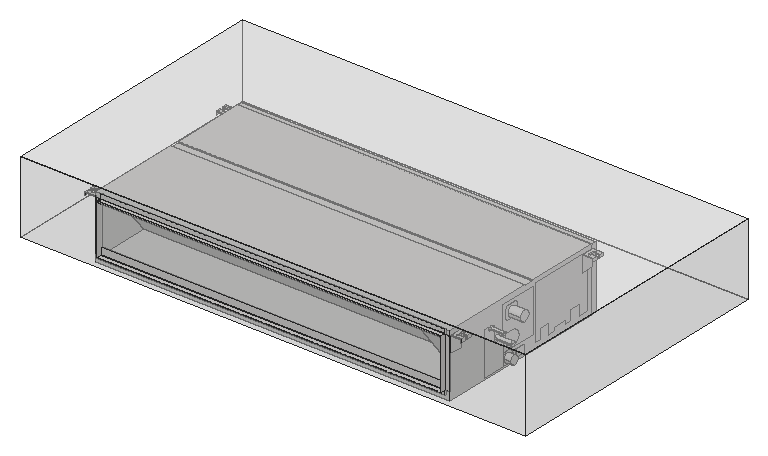
Revit family "outputfile", category 機械設備, Revit 2024
Family settings
  丸型コネクタ寸法 = 半径を使用
  パーツ タイプ = 標準
  OmniClass 番号 = 23.75.10.24.21.27.27
  OmniClass タイトル = Split System Air Conditioning Units
  作業面ベース = いいえ
  常に垂直 = はい
  ロード時にボイドで切り取り = いいえ
  注釈の向きを維持 = いいえ
  共有 = いいえ
  部屋計算ポイント = はい
Parameters (values of type "FDMFC100AV1M")
  Description = ""
  書き出し IFC クラス(タイプ) = "IfcUnitaryEquipmentType"
  定義済み IFC タイプ(タイプ) = "AIRCONDITIONINGUNIT"
  Cost = 0
  Type Comments = ""
  Keynote = ""
  Type Image = (empty or 0)
  Assembly Code = ""
  switch_frequency = yes
  connector_voltage = Voltage_50Hz  # 230 V
  connector_powerinput = [Power Input (Cooling)]  # 0.000 kW
  connector_phase = Phase_50Hz  # 1
  URL = ""
  Supply Air Direction [instance] = yes
  製造元 = "Daikin"
  モデル = "FDMFC100AV1M"
  w_pipe = 33 mm
  r_Liquid Pipe Size = Liquid Pipe Size / 2  # 4.75 mm
  r_Gas Pipe Size = Gas Pipe Size / 2  # 7.95 mm
  r_Drain Pipe Size = Drain Pipe Size / 2  # 16.0 mm
  lw_powersupply = Width / 2  # 700 mm
  lw_ductflange2 = 1362 mm
  lw_Width = 1362 mm
  lh_suctionflange [instance] = 100 mm
  ld_suctionflange [instance] = 190 mm
  ld_powersupply = 263 mm
  angle_vertical_RA [instance] = 90.00°
  angle horizontal_RA [instance] = 180.00°
  Voltage_comment_50Hz = "220 - 240"
  Voltage_50Hz = 230 V
  Sound Power Level_H speed (dB) = 0
  RA_length = 190 mm  # constant formula
  Phase_50Hz = 1
  Minimum External Static Pressure = 27.00 Pa
  Minimum Circuit Amps_50Hz = 0.0 A
  Maximum Fuse Amps_50Hz = 0.0 A
  Maximum External Static Pressure = 80.00 Pa
  Material_Casing = DAIKIN_GalvanizedSteel_Casing_indoorunit
  lw_liquidpipe = 757.9 mm
  lw_gaspipe = 767.5 mm
  lw_mountinghole_pitch = 1446 mm
  lw_mountinghole = 20 mm
  lw_drainpipe = 726 mm
  lh_powersupply = 43.2 mm
  lh_liquidpipe = 175 mm
  lh_gaspipe = 128 mm
  lh_mountinghole = Height + [h***] - 15 mm  # 235 mm
  lh_drainpipe = 29 mm
  lh_antena = (Height - lh_mountinghole) + 1 mm  # 16 mm
  ld_liquidpipe = 153 mm
  ld_gaspipe = 123 mm
  ld_mountinghole_pitch = 651 mm
  ld_drainpipe = 64 mm
  ld_controlbox = 626 mm
  h*** = 0 mm  # constant formula
  d_dischargeflange = 20 mm  # constant formula
  Width = 1400 mm
  Version = "ver.1.0"
  Unit Type = "Duct (M.S.P)"
  Unit Mass Weight = 40.00 kg
  Unit Designation [instance] = ""
  Uniclass2015Version = "Products v1.30"
  Uniclass2015Title = "Split coil room air conditioning units"
  Uniclass2015Code = "Pr_70_65_03_86"
  Total Cooling Capacity [instance] = 0.000 kW
  Sound Pressure Level_M speed (dBA) = 39
  Sound Pressure Level_L speed (dBA) = 36
  Sound Pressure Level_H speed (dBA) = 42
  Series = "SkyAir_Fan Coil Unit"
  Sensible Cooling Capacity [instance] = 0.000 kW
  SA Duct Size Width = 1362 mm
  SA Duct Size Height = 200 mm
  Refrigerant Type = "R32"
  RA Duct Size Width = 1362 mm
  RA Duct Size Height = 214 mm
  Power Input (Cooling) = 0.000 kW
  Option Accessory 3 [instance] = ""
  Option Accessory 2 [instance] = ""
  Option Accessory 1 [instance] = ""
  Nominal Cooling Capacity = 10.550 kW
  Minimum Airflow = 1560.00 m³/h
  Median Airflow = 1860.00 m³/h
  Maximum Airflow = 2140.00 m³/h
  Load Classification = HVAC
  Liquid Pipe Size = 9.5 mm
  Link_Nested Family [instance] = ""
  IfcVersion = ""
  IfcExportType = "AIRCONDITIONINGUNIT"
  IfcExportAs = "IfcUnitaryEquipmentType"
  Height = 250 mm
  Heat Exchanger Type = "Cross Fin Coil"
  Gas Pipe Size = 15.9 mm
  Frequency_50Hz = 50 Hz
  Fan Type = "Sirocco Fan"
  Fan Drive = "Direct Drive"
  FCU Tag No. [instance] = ""
  Drain Pipe Size = 32.0 mm
  Design Supply Airflow [instance] = 0.00 m³/h
  Design Return Airflow [instance] = 0.00 m³/h
  Design External Static Pressure [instance] = 0.00 Pa
  Depth = 700 mm
  既定の高さ = 0 mm
  Cooling Entering Wet Bulb Temperature [instance] = 0.00 °C
  Cooling Entering Dry Bulb Temperature [instance] = 0.00 °C
  Cooling Ambient Wet Bulb Temperature [instance] = 0.00 °C
  Cooling Ambient Dry Bulb Temperature [instance] = 0.00 °C
  Clearance visibility [instance] = yes
  Clearance Top = 20 mm
  Clearance Right = 300 mm
  Clearance Rear = 400 mm
  Clearance Left = 300 mm
  Clearance Front = 0 mm
  Clearance Bottom = 20 mm
Reference planes
  plane 1 "Center (Front/Back)": y = 0
  plane 2: z = 0
  plane 3 "Center (Left/Right)": x = 0
  plane 4 "Back": y = 350
  plane 5 "Front": y = -350
  plane 6 "Left": x = -700
  plane 7 "Right": x = 700
  plane 8 "Top": z = 0
  plane 9 "Bottom": z = -250
  plane 10: x = 681
  plane 11: x = -680.2
  plane 12: z = -72
  plane 13: z = -75
  plane 14: z = -122
  plane 15: x = -304
  plane 16: x = 304
  plane 17: x = -723
  plane 18: x = 723
  plane 19: x = 757.9
  plane 20: x = 767.5
  plane 21: z = -15
  plane 22 "Clearance Left": x = -1000
  plane 23 "Clearance Right": x = 1000
  plane 24 "Clearance Rear": y = 750
  plane 25 "Clearance Front": y = -350
  plane 26 "Clearance Bottom": z = -270
  plane 27: z = -21
  plane 28: z = -221
  plane 29: y = -123
  plane 30: y = -153
  plane 31: y = -30
  plane 32: y = -64
  plane 33: z = -118
  plane 34: y = -349.2
  plane 35: z = -150
  plane 36: y = 160
  plane 37: z = -151
  plane 38: x = 726
  plane 39: x = 695
  plane 40: x = 565.5
  plane 41: z = 102.5
  plane 42: y = 325.5
  plane 43: y = -325.5
  plane 44: y = 17.5
  plane 45: y = 57
  plane 46: x = 703.2
  plane 47: x = 705.2
  plane 48: y = -370
  plane 49: y = 390
  plane 50: z = -125
  plane 51: z = -70.5
  plane 52: z = -75.133
  plane 53: z = -75.5
  plane 54: z = -126.5
  plane 55: z = -239.8
  plane 56: z = -22.5
  plane 57: z = -192.5
  plane 58: z = -16
  plane 59 "Clearance Top": z = 20
  plane 60: z = -206.8
  plane 61: y = 263
  plane 62: y = -200
  plane 63: y = -300
  plane 64: y = -140
Forms (mm)
  Extrusion 1, solid, material "DAIKIN_GalvanizedSteel_Casing_indoorunit" <- "Material_Casing"
    sketch origin (0, 0, 0) x (1, 0, 0) y (0, 1, 0)
      loop
        line (-700, -349.2) -> (700, -349.2) -> (700, 350) -> (-700, 350) -> (-700, -349.2)
    from -250 to 0
  Extrusion 2, void
    sketch origin (0, 0, 1) x (1, 0, 0) y (0, 1, 0)
      loop
        line (-700, 57) -> (-700, 17.5) -> (700, 17.5) -> (700, 57) -> (-700, 57)
    from -1 to -5
  Extrusion 3, void
    sketch origin (0, 0, 0) x (0, 1, 0) y (0, 0, 1)
      loop
        line (-91.914, -222) -> (-91.914, -246.5) -> (-36.314, -246.5) -> (-36.314, -219.481)
        arc (-36.314, -219.481) -> (-65.261, -194.229) -> (-91.8, -222) r 27.8
    from 700 to 695
  Revolve 4, solid, material "DAIKIN_GalvanizedSteel_Casing_indoorunit" <- "Material_Casing"
    sketch origin (0, 0, -122) x (0, -1, 0) y (1, 0, 0)
      loop
        line (115.05, 700) -> (123, 700) -> (123, 767.5) -> (115.05, 767.5) -> (115.05, 700)
      axis (123, 700) -> (123, 767.5)
    angle from 0 to 360
  Revolve 5, solid, material "DAIKIN_GalvanizedSteel_Casing_indoorunit" <- "Material_Casing"
    sketch origin (0, 0, -75) x (0, -1, 0) y (1, 0, 0)
      loop
        line (153, 700) -> (153, 757.9) -> (148.25, 757.9) -> (148.25, 700) -> (153, 700)
      axis (153, 757.9) -> (153, 700)
    angle from 0 to 360
  Extrusion 6, solid, material "DAIKIN_GalvanizedSteel_Casing_indoorunit" <- "Material_Casing"
    sketch origin (0, 0, 0) x (0, 1, 0) y (0, 0, 1)
      loop
        circle (-64, -221) r 16
    from 726 to 700
  Extrusion 7, solid, material "DAIKIN_GalvanizedSteel_Casing_indoorunit" <- "Material_Casing"
    sketch origin (0, 0, 0) x (0, 1, 0) y (0, 0, 1)
      loop
        line (-180, -70.5) -> (-180, -239.8) -> (-95, -239.8) -> (-95, -126.5) -> (-107, -126.5)
        arc (-107, -126.5) -> (-121.5, -141) -> (-136, -126.5) r 14.5
        line (-136, -126.5) -> (-136, -75.5) -> (-141.006, -75.5)
        arc (-141.006, -75.5) -> (-153.184, -87.131) -> (-165, -75.133) r 12
        line (-165, -75.133) -> (-165, -70.5) -> (-180, -70.5)
      loop
        line (-92, -22.5) -> (-92, -192.5) -> (54, -192.5) -> (54, -22.5) -> (-92, -22.5)
      loop
        line (71, -16) -> (71, -224.802) -> (87.805, -224.802) -> (87.805, -184.607) -> (134.195, -184.606) -> (134.195, -224.802) -> (161, -224.802) -> (161, -212.302) -> (221, -212.303) -> (221, -224.802) -> (239.805, -224.802) -> (239.805, -184.606) -> (286.195, -184.606) -> (286.195, -224.802) -> (321.994, -224.802) -> (321.994, -82) -> (298.5, -82) -> (298.5, -16) -> (71, -16)
    from 700 to 703.2
  Extrusion 8, solid, material "DAIKIN_GalvanizedSteel_Casing_indoorunit" <- "Material_Casing"
    sketch origin (0, 0, 0) x (0, 1, 0) y (0, 0, 1)
      loop
        line (-27.5, -74.5) -> (-27.5, -41.5)
        arc (-27.5, -41.5) -> (-30.136, -35.136) -> (-36.5, -32.5) r 9
        line (-36.5, -32.5) -> (-69.5, -32.5)
        arc (-69.5, -32.5) -> (-75.864, -35.136) -> (-78.5, -41.5) r 9
        line (-78.5, -41.5) -> (-78.5, -74.5)
        arc (-78.5, -74.5) -> (-75.864, -80.864) -> (-69.5, -83.5) r 9
        line (-69.5, -83.5) -> (-36.5, -83.5)
        arc (-36.5, -83.5) -> (-30.136, -80.864) -> (-27.5, -74.5) r 9
      loop
        arc (8, -234.5) -> (9.415, -233.914) -> (10.001, -232.499) r 2.001
        line (10.001, -232.499) -> (9.997, -206.503)
        arc (9.997, -206.503) -> (9.412, -205.091) -> (8, -204.506) r 1.997
        line (8, -204.506) -> (-25.997, -204.506)
        arc (-25.997, -204.506) -> (-27.415, -205.094) -> (-28.002, -206.511) r 2.005
        line (-28.002, -206.511) -> (-28.002, -232.499)
        arc (-28.002, -232.499) -> (-27.416, -233.914) -> (-26.001, -234.5) r 2.001
        line (-26.001, -234.5) -> (8, -234.5)
      loop
        arc (-77.358, -152.358) -> (-25.548, -177.591) -> (-59.394, -130.95) r 29.7
        arc (-59.394, -130.95) -> (-62.843, -131.688) -> (-66.339, -131.219) r 10.3
        line (-66.339, -131.219) -> (-72.946, -129.136)
        arc (-72.946, -129.136) -> (-80.627, -131.374) -> (-81.498, -139.327) r 7.2
        line (-81.498, -139.327) -> (-78.299, -145.472)
        arc (-78.299, -145.472) -> (-77.23, -148.833) -> (-77.358, -152.358) r 10.3
    from 700 to 705.2
  Extrusion 9, solid, material "DAIKIN_GalvanizedSteel_Casing_indoorunit" <- "Material_Casing"
    sketch origin (0, 0, 0) x (0, 1, 0) y (0, 0, 1)
      loop
        circle (-53, -58) r 18.9
    from 700 to 757.9
  Extrusion 10, void
    sketch origin (0, 0, 0) x (0, 1, 0) y (0, 0, 1)
      loop
        line (-350, -18.8) -> (-350, -217.2) -> (-200, -217.2) -> (-349.2, -18.8) -> (-350, -18.8)
    from -680.2 to 681
  Extrusion 11, void
    sketch origin (0, 0, 0) x (0, 1, 0) y (0, 0, 1)
      loop
        line (-350, -18.8) -> (-350, -217.2) -> (-140, -217.2) -> (-300, -18.8) -> (-350, -18.8)
    from -680.2 to 565.5
Cuts and joins
  Extrusion 2, Extrusion 3, Extrusion 10, Extrusion 11 cuts Extrusion 1
  joined: Extrusion 7, Extrusion 8, Extrusion 9
Dimensions and locks
  "Height": plane 8 "Top" to plane 9 "Bottom"
  equal spacing: plane 15, plane 3 "Center (Left/Right)", plane 16, locked at 304 each
  locked: plane 15 to plane 16 at 608
  equal spacing: plane 17, plane 3 "Center (Left/Right)", plane 18
  "lw_mountinghole_pitch": plane 17 to plane 18
  locked: plane 12 to plane 9 "Bottom" at 178
  "lh_liquidpipe": plane 13 to plane 9 "Bottom"
  "lh_gaspipe": plane 14 to plane 9 "Bottom"
  "lh_mountinghole": plane 21 to plane 9 "Bottom"
  equal spacing: plane 6 "Left", plane 3 "Center (Left/Right)", plane 7 "Right"
  "Width": plane 6 "Left" to plane 7 "Right"
  "Clearance Right": plane 7 "Right" to plane 23 "Clearance Right"
  "Clearance Left": plane 22 "Clearance Left" to plane 6 "Left"
  "Clearance Rear": plane 24 "Clearance Rear" to plane 4 "Back"
  "Clearance Front": plane 5 "Front" to plane 25 "Clearance Front"
  locked: plane 8 "Top" to plane 27 at 21
  "Depth": plane 4 "Back" to plane 5 "Front"
  equal spacing: plane 4 "Back", plane 1 "Center (Front/Back)", plane 5 "Front"
  "ld_suctionflange": plane 4 "Back" to plane 36
  locked: plane 37 to plane 9 "Bottom" at 99
  plane 7 "Right" to plane 40 = 134.5 mm
  "r_Gas Pipe Size": nested 6 to Revolve 4 sketch curve
  "r_Liquid Pipe Size": nested 5 to Revolve 5 sketch curve
  equal spacing: plane 42, plane 1 "Center (Front/Back)", plane 43
  "ld_mountinghole_pitch": plane 42 to plane 43
  locked: plane 33 to plane 9 "Bottom" at 132
  "lw_liquidpipe": plane 3 "Center (Left/Right)" to plane 19
  "lw_gaspipe": plane 3 "Center (Left/Right)" to plane 20
  "lw_drainpipe": plane 3 "Center (Left/Right)" to plane 38
  "ld_drainpipe": plane 32 to plane 1 "Center (Front/Back)"
  "ld_gaspipe": plane 29 to plane 1 "Center (Front/Back)"
  "ld_liquidpipe": plane 30 to plane 1 "Center (Front/Back)"
  "lh_drainpipe": plane 28 to plane 9 "Bottom"
  locked: plane 7 "Right" to plane 46 at 3.2
  locked: plane 46 to plane 47 at 2
  equal spacing: plane 8 "Top", plane 50, plane 9 "Bottom"
  plane 51 to plane 52 to plane 53 to plane 54 to plane 55 = 4.633 mm locked, 0.367 mm locked, 51 mm locked, 113.3 mm locked
  plane 8 "Top" to plane 56 to plane 57 = 22.5 mm locked, 170 mm locked
  locked: plane 8 "Top" to plane 58 at 16
  locked: plane 40 to plane 10 at 115.5
  locked: plane 17 to plane 11 at 42.8
  locked: plane 39 to plane 7 "Right" at 5
  "Clearance Top": plane 59 "Clearance Top" to plane 8 "Top"
  "Clearance Bottom": plane 9 "Bottom" to plane 26 "Clearance Bottom"
  "lh_powersupply": plane 60 to plane 9 "Bottom"
  "ld_powersupply": plane 61 to plane 1 "Center (Front/Back)"
  locked: plane 34 to plane 5 "Front" at 0.8
  locked: plane 5 "Front" to plane 48 at 20
  locked: plane 5 "Front" to plane 62 at 150
  plane 5 "Front" to plane 63 to plane 64 = 50 mm locked, 160 mm locked
  "r_Drain Pipe Size": radius of Extrusion 6 sketch curve
  aligned and locked: level to plane 2
  aligned and locked: Extrusion 1 to plane 9 "Bottom"
  aligned and locked: plane 8 "Top" to Extrusion 1
  aligned and locked: Revolve 4 sketch curve to Revolve 4 sketch curve
  aligned and locked: plane 19 to nested 5
  aligned and locked: nested 5 to plane 13
  aligned and locked: plane 18 to nested 2
  aligned and locked: plane 17 to nested 3
  aligned and locked: plane 17 to nested 4
  aligned and locked: nested 6 to plane 14
  aligned and locked: plane 29 to nested 6
  aligned and locked: plane 30 to nested 5
  aligned and locked: Extrusion 6 sketch curve to plane 32
  aligned and locked: plane 8 "Top" to Extrusion 2
  aligned and locked: plane 24 "Clearance Rear" to nested 11
  aligned and locked: plane 23 "Clearance Right" to nested 11
  aligned and locked: plane 22 "Clearance Left" to nested 11
  aligned and locked: nested 11 to plane 25 "Clearance Front"
  aligned and locked: plane 7 "Right" to cut or joined group of Extrusion 1, Extrusion 2, Extrusion 3, Extrusion 10, Extrusion 11  (x3)
  aligned and locked: cut or joined group of Extrusion 1, Extrusion 2, Extrusion 3, Extrusion 10, Extrusion 11 to plane 39
  aligned and locked: plane 38 to Extrusion 6
  aligned and locked: plane 20 to nested 6
  aligned and locked: plane 3 "Center (Left/Right)" to nested 12
  aligned and locked: plane 18 to nested 1
  aligned and locked: plane 32 to nested 7
  aligned and locked: nested 7 to plane 28
  aligned and locked: plane 38 to nested 7
  aligned and locked: nested 9 to plane 1 "Center (Front/Back)"
  aligned and locked: plane 3 "Center (Left/Right)" to nested 9
  aligned and locked: plane 33 to nested 8
  aligned and locked: level to plane 8 "Top"
  aligned and locked: plane 42 to nested 1
  aligned and locked: plane 43 to nested 2
  aligned and locked: nested 4 to plane 42
  aligned and locked: nested 3 to plane 43
  aligned and locked: nested 12 to plane 21
  aligned and locked: cut or joined group of Extrusion 1, Extrusion 2, Extrusion 3, Extrusion 10, Extrusion 11 to plane 34
  aligned and locked: nested 13 to plane 33
  aligned and locked: Extrusion 2 sketch curve to plane 6 "Left"
  aligned and locked: plane 7 "Right" to Extrusion 2 sketch curve
  aligned and locked: plane 44 to Extrusion 2 sketch curve
  aligned and locked: plane 45 to Extrusion 2 sketch curve
  aligned and locked: plane 3 "Center (Left/Right)" to nested 10
  aligned and locked: nested 10 to plane 4 "Back"
  aligned and locked: plane 46 to Extrusion 7
  aligned and locked: Extrusion 7 to plane 7 "Right"
  aligned and locked: Extrusion 8 to plane 7 "Right"
  aligned and locked: plane 47 to Extrusion 8
  aligned and locked: plane 19 to Extrusion 9
  aligned and locked: Extrusion 9 to plane 7 "Right"
  aligned and locked: nested 8 to plane 48
  aligned and locked: plane 49 to nested 14
  aligned and locked: nested 14 to plane 3 "Center (Left/Right)"
  aligned and locked: nested 14 to plane 50
  aligned and locked: plane 54 to Extrusion 7 sketch curve  (x2)
  aligned and locked: plane 52 to Extrusion 7 sketch curve
  aligned and locked: plane 56 to Extrusion 7 sketch curve
  aligned and locked: plane 57 to Extrusion 7 sketch curve
  aligned and locked: plane 58 to Extrusion 7 sketch curve
  aligned and locked: plane 3 "Center (Left/Right)" to nested 13
  aligned and locked: plane 59 "Clearance Top" to nested 11
  aligned and locked: nested 11 to plane 26 "Clearance Bottom"
  aligned and locked: plane 7 "Right" to nested 15
  aligned and locked: nested 15 to plane 60
  aligned and locked: plane 34 to nested 13
  aligned and locked: plane 5 "Front" to Extrusion 10 sketch curve
  aligned and locked: cut or joined group of Extrusion 1, Extrusion 2, Extrusion 3, Extrusion 10, Extrusion 11 to plane 11  (x2)
  aligned and locked: plane 10 to cut or joined group of Extrusion 1, Extrusion 2, Extrusion 3, Extrusion 10, Extrusion 11
  aligned and locked: Extrusion 11 sketch curve to plane 5 "Front"
  aligned and locked: plane 63 to Extrusion 11 sketch curve
  aligned and locked: plane 64 to Extrusion 11 sketch curve
  aligned and locked: cut or joined group of Extrusion 1, Extrusion 2, Extrusion 3, Extrusion 10, Extrusion 11 to plane 40
  aligned and locked: Extrusion 6 to plane 7 "Right"
  aligned and locked: Revolve 4 to plane 7 "Right"
  aligned and locked: Revolve 5 to plane 7 "Right"
Automatic sketch dimensions
  Extrusion 1 sketch curve to plane 4 "Back" = 0 mm
  Extrusion 1 sketch curve to plane 6 "Left" = 0 mm
  Extrusion 1 sketch curve to plane 7 "Right" = 0 mm
  plane 34 to Extrusion 1 sketch curve = 0 mm
  Extrusion 6 sketch curve to plane 28 = 0 mm
  Revolve 4 sketch curve to plane 20 = 0 mm
  Revolve 4 sketch curve to plane 29 = 0 mm
  Revolve 4 sketch curve to Revolve 4 sketch curve = 2.003 mm
  plane 20 to Revolve 4 sketch curve = 1.003 mm
  Revolve 5 sketch curve to plane 30 = 0 mm  (x2)
  Revolve 5 sketch curve to plane 19 = 0 mm  (x2)
  Revolve 5 sketch curve to plane 7 "Right" = 0 mm
  Revolve 5 sketch curve to Revolve 5 sketch curve = 1 mm
  Revolve 4 sketch curve to plane 7 "Right" = 0 mm
  plane 9 "Bottom" to Extrusion 3 sketch curve = 3.5 mm
  Extrusion 3 sketch curve to plane 31 = 6.314 mm
  Extrusion 3 sketch curve to plane 28 = 1 mm  (x2)
  plane 32 to Extrusion 3 sketch curve = 0 mm
  Extrusion 3 sketch curve to Extrusion 3 sketch curve = 0.114 mm
  Extrusion 8 sketch curve to plane 32 = 14.5 mm
  plane 13 to Extrusion 8 sketch curve = 0.5 mm  (x2)
  Extrusion 8 sketch curve to plane 32 = 5.5 mm  (x2)
  Extrusion 8 sketch curve to plane 31 = 6.5 mm  (x2)
  Extrusion 8 sketch curve to plane 27 = 20.5 mm
  plane 31 to Extrusion 8 sketch curve = 1.998 mm
  Extrusion 8 sketch curve to Extrusion 8 sketch curve = 2.001 mm  (x2)
  Extrusion 8 sketch curve to Extrusion 8 sketch curve = 2.005 mm
  Extrusion 8 sketch curve to plane 1 "Center (Front/Back)" = 8 mm  (x2)
  plane 28 to Extrusion 8 sketch curve = 16.494 mm
  Extrusion 8 sketch curve to Extrusion 8 sketch curve = 1.994 mm
  Extrusion 8 sketch curve to Extrusion 8 sketch curve = 1.997 mm
  Extrusion 8 sketch curve to plane 32 = 17.498 mm
  Extrusion 8 sketch curve to plane 35 = 0.228 mm
  Extrusion 8 sketch curve to Extrusion 8 sketch curve = 5.937 mm
  plane 35 to Extrusion 8 sketch curve = 4.528 mm
  Extrusion 8 sketch curve to Extrusion 8 sketch curve = 3.199 mm
  Extrusion 8 sketch curve to Extrusion 8 sketch curve = 6.386 mm
  Extrusion 8 sketch curve to plane 14 = 7.136 mm
  Extrusion 8 sketch curve to Extrusion 8 sketch curve = 2.165 mm
  Extrusion 8 sketch curve to plane 32 = 2.339 mm
  plane 32 to Extrusion 8 sketch curve = 0.758 mm
  Extrusion 8 sketch curve to plane 37 = 7.5 mm
  plane 32 to Extrusion 8 sketch curve = 15.7 mm
  Extrusion 8 sketch curve to Extrusion 8 sketch curve = 6.145 mm
  Extrusion 8 sketch curve to Extrusion 8 sketch curve = 2.083 mm
  plane 14 to Extrusion 8 sketch curve = 0.604 mm
  Extrusion 8 sketch curve to Extrusion 8 sketch curve = 0 mm
  plane 32 to Extrusion 9 sketch curve = 11 mm
  plane 12 to Extrusion 9 sketch curve = 14 mm
  Extrusion 7 sketch curve to plane 30 = 0 mm
  Extrusion 7 sketch curve to plane 30 = 27 mm
  Extrusion 7 sketch curve to plane 13 = 0.5 mm
  Extrusion 7 sketch curve to Extrusion 7 sketch curve = 5.006 mm
  plane 12 to Extrusion 7 sketch curve = 1.5 mm
  Extrusion 7 sketch curve to Extrusion 7 sketch curve = 12 mm
  Extrusion 7 sketch curve to plane 30 = 12 mm
  plane 29 to Extrusion 7 sketch curve = 1.5 mm
  Extrusion 7 sketch curve to plane 32 = 28 mm
  Extrusion 7 sketch curve to Extrusion 7 sketch curve = 17 mm
  Extrusion 7 sketch curve to plane 28 = 3.802 mm  (x8)
  Extrusion 7 sketch curve to plane 42 = 27 mm
  Extrusion 7 sketch curve to plane 42 = 3.506 mm  (x2)
  Extrusion 7 sketch curve to plane 53 = 6.5 mm
  plane 57 to Extrusion 7 sketch curve = 7.893 mm
  Extrusion 7 sketch curve to Extrusion 7 sketch curve = 0 mm  (x2)
  plane 57 to Extrusion 7 sketch curve = 7.894 mm  (x2)
  plane 36 to Extrusion 7 sketch curve = 1 mm  (x2)
  plane 28 to Extrusion 7 sketch curve = 8.697 mm
  Extrusion 3 sketch curve to Extrusion 3 sketch curve = 27.914 mm
  Extrusion 7 sketch curve to plane 55 = 0 mm
  Extrusion 8 sketch curve to plane 28 = 11.499 mm
  Extrusion 7 sketch curve to Extrusion 7 sketch curve = 60 mm
  Extrusion 10 sketch curve to plane 34 = 0 mm
  plane 28 to Extrusion 10 sketch curve = 3.8 mm
  plane 27 to Extrusion 10 sketch curve = 2.2 mm
  Extrusion 10 sketch curve to plane 30 = 47 mm
  plane 28 to Extrusion 11 sketch curve = 3.8 mm
  plane 27 to Extrusion 11 sketch curve = 2.2 mm
  radius of Extrusion 9 sketch curve = 18.9 mm
Nested families
  nested 1: "daikin_mountinghole" at (723, 325.5, -250), l_antenna <- "lh_antena", Link_Nested Family <- "Link_Nested Family", h_mountinghole <- "lh_mountinghole", type "daikin_mountinghole"
    with show yes, l_antenna 16 mm, h_mountinghole 235 mm, Link_Nested Family ""
  nested 2: "daikin_mountinghole" at (723, -325.5, -250), Link_Nested Family <- "Link_Nested Family", l_antenna <- "lh_antena", h_mountinghole <- "lh_mountinghole", type "daikin_mountinghole"
    with show yes, l_antenna 16 mm, h_mountinghole 235 mm, Link_Nested Family ""
  nested 3: "daikin_mountinghole" at (-723, -325.5, -250), l_antenna <- "lh_antena", Link_Nested Family <- "Link_Nested Family", h_mountinghole <- "lh_mountinghole", type "daikin_mountinghole"
    with show yes, l_antenna 16 mm, h_mountinghole 235 mm, Link_Nested Family ""
  nested 4: "daikin_mountinghole" at (-723, 325.5, -250), l_antenna <- "lh_antena", Link_Nested Family <- "Link_Nested Family", h_mountinghole <- "lh_mountinghole", type "daikin_mountinghole"
    with show yes, l_antenna 16 mm, h_mountinghole 235 mm, Link_Nested Family ""
  nested 5: "daikin_connector_rotate2" at (0, -153, -75) x (0, 1, 0) z (0, 0, 1), length <- "lw_liquidpipe", built-in parameter 1001364 <- "lh_liquidpipe", radius <- "r_Liquid Pipe Size", type "daikin_connector_rotate2"
    with radius 4.75 mm, length 757.9 mm, angle_vertical 90.00°
  nested 6: "daikin_connector_rotate2" at (0, -123, -122) x (0, 1, 0) z (0, 0, 1), length <- "lw_gaspipe", built-in parameter 1001364 <- "lh_gaspipe", radius <- "r_Gas Pipe Size", type "daikin_connector_rotate2"
    with radius 7.95 mm, length 767.5 mm, angle_vertical 90.00°
  nested 7: "daikin_connector_rotate2" at (0, -64, -221) x (0, 1, 0) z (0, 0, 1), built-in parameter 1001364 <- "lh_drainpipe", length <- "lw_drainpipe", radius <- "r_Drain Pipe Size", type "daikin_connector_rotate2"
    with radius 16 mm, length 726 mm, angle_vertical 90.00°
  nested 8: "daikin_connector_rotate2" at (0, -350, -118), length <- "d_dischargeflange", type "daikin_connector_rotate2"
    with radius 10 mm, length 20 mm, angle_vertical 90.00°
  nested 9: "daikin_△_symbolicline" at (-75, -129.904, 250) x (-0.5, 0.866, 0) z (0, 0, 1), built-in parameter 1001364 <- "Height", visible <- "Supply Air Direction", type "daikin_△_symbolicline"
    with length 300 mm
  nested 10: "daikin_ductflange_FDMFC-AV1M_1" at (0, 350, -125), material <- "Material_Casing", width <- "lw_ductflange2", type "daikin_ductflange_FDMFC-AV1M_1"
    with width 1362 mm, material DAIKIN_GalvanizedSteel_Casing_indoorunit, height 214 mm, depth 40 mm
  nested 11: "daikin_clearancespace" at (0, 200, -124.881), visible <- "Clearance visibility", show <- "Clearance visibility", Link_Nested Family <- "Link_Nested Family", type "daikin_clearancespace"
    with width 2000 mm, show yes, height 290 mm, depth 1100 mm, Link_Nested Family ""
  nested 12: "daikin_hangerfixture_FDMFC-AV1M" at (0, 0, -15), type "daikin_hangerfixture_FDMFC-AV1M"
    with width 1400 mm
  nested 13: "daikin_ductflange_FDMFC-AV1M" at (0, -35.7, -407.401), width <- "lw_Width", material <- "Material_Casing", type "daikin_ductflange_FDMFC-AV1M"
    with width 1362 mm, material DAIKIN_GalvanizedSteel_Casing_indoorunit, height 200 mm, depth 20.8 mm
  nested 14: "daikin_connector_rotate2" at (0, 350, -125) x (-1, 0, 0) z (0, 0, 1), type "daikin_connector_rotate2"
    with radius 10 mm, length 40 mm, angle_vertical 90.00°
  nested 15: "daikin_connector_rotate2" at (0, 263, -206.8) x (0, 1, 0) z (0, 0, 1), length <- "lw_powersupply", built-in parameter 1001364 <- "lh_powersupply", type "daikin_connector_rotate2"
    with radius 10 mm, length 700 mm, angle_vertical 90.00°
Connectors
  piping at (767.5, -123, -122), diameter 15.9, driven by "r_Gas Pipe Size"
    settings: on nested 6, index 1, connector inside diameter 609.6 mm, connector length 0 mm, flow factor 0, pipe flow 0.00 m³/h, pressure drop 0.0 Pa, fitting loss kfactor 0, connector angle 0.00°, fixture units 0, engagement length 0 mm, angle of deflection 0.00°, flow configuration 1, flow direction 2, fitting loss method 0, system type 29, joint type 0, gender type 0, connector reference index -1, connector utility 0, adjustable connector no, is connector primary yes, connector description "Refrigerant Gas Piping"
  piping at (757.9, -153, -75), diameter 9.5, driven by "r_Liquid Pipe Size"
    settings: on nested 5, index 2, connector inside diameter 609.6 mm, connector length 0 mm, flow factor 0, pipe flow 0.00 m³/h, pressure drop 0.0 Pa, fitting loss kfactor 0, connector angle 0.00°, fixture units 0, engagement length 0 mm, angle of deflection 0.00°, flow configuration 1, flow direction 1, fitting loss method 0, system type 29, joint type 0, gender type 0, connector reference index -1, connector utility 0, adjustable connector no, is connector primary no, connector description "Refrigerant Liquid Piping"
  piping at (726, -64, -221), diameter 32, driven by "r_Drain Pipe Size"
    settings: on nested 7, index 3, connector inside diameter 609.6 mm, connector length 0 mm, flow factor 0, pipe flow 0.00 m³/h, pressure drop 0.0 Pa, fitting loss kfactor 0, connector angle 0.00°, fixture units 0, engagement length 0 mm, angle of deflection 0.00°, flow configuration 1, flow direction 2, fitting loss method 4, system type 16, joint type 0, gender type 0, connector reference index -1, connector utility 0, adjustable connector no, is connector primary no, connector description "Condensate Drain Piping"
  hvac at (0, -370, -118), driven by "SA Duct Size Height", driven by "SA Duct Size Width"
    settings: on nested 8, index 7, duct flow 0.00 m³/h, flow factor 0, pres drop 0.00 Pa, loss coef 0, conn angle 0.00°, conn width 1362.0 mm, conn height 200.0 mm, conn diameter 609.6 mm, duct sys type 1, conn prof type 1, flow config 0, flow direction 2, loss method 4, conn ref index -1, conn util no, is conn primary yes, conn desc "SA Duct"
  hvac at (0, 390, -125), driven by "RA Duct Size Width", driven by "RA Duct Size Height"
    settings: on nested 14, index 8, duct flow 0.00 m³/h, flow factor 0, pres drop 0.00 Pa, loss coef 0, conn angle 0.00°, conn width 1362.0 mm, conn height 214.0 mm, conn diameter 609.6 mm, duct sys type 2, conn prof type 1, flow config 0, flow direction 1, loss method 4, conn ref index -1, conn util no, is conn primary no, conn desc "RA Duct"
  electrical at (700, 263, -206.8), driven by "Load Classification", driven by "connector_powerinput", driven by "connector_voltage", driven by "connector_phase"
    settings: on nested 15, index 9, voltage 230 V, apparent load 0 VA, apparent load phase1 0 VA, apparent load phase2 0 VA, apparent load phase3 0 VA, power factor 1, load classification "HVAC", number of poles 1, system type 30, power factor state 1, is connector primary yes, connector utility no, sub classification motor no, connector description "Power Supply"
Definition of nested family "daikin_ductflange_FDMFC-AV1M_1"
  Parameters (values of type "daikin_ductflange_FXDQ-NDVET2")
    width [instance] = 662 mm
    material [instance] = none
    height [instance] = 214 mm
    depth [instance] = 40 mm
    Default Elevation = 0 mm
  Reference planes
    plane 1 "Center (Front/Back)": y = 0
    plane 2: z = 0
    plane 3 "Center (Left/Right)": x = 0
    plane 4: x = -331
    plane 5: x = 331
    plane 6: z = 107
    plane 7: z = -107
    plane 8: x = -350
    plane 9: x = 350
    plane 10: z = 124
    plane 11: z = -124
    plane 12: y = 20
    plane 13: x = -330.2
    plane 14: x = 330.2
    plane 15: z = 106.2
    plane 16: z = -106.2
    plane 17: y = 40
    plane 18: x = -330.2
    plane 19: z = 106.2
    plane 20: z = -106.2
    plane 21: x = 330.2
  Forms (mm)
    Extrusion 1, solid, material <- "material"
      sketch origin (0, 0, 0) x (1, 0, 0) y (0, 0, 1)
        loop
          line (-330.2, 106.2) -> (-330.2, -106.2) -> (330.2, -106.2) -> (330.2, 106.2) -> (-330.2, 106.2)
        loop
          line (-350, 124) -> (-350, -124) -> (350, -124) -> (350, 124) -> (-350, 124)
      from 0 to -20
    Extrusion 2, solid, material <- "material"
      sketch origin (0, 0, 0) x (1, 0, 0) y (0, 0, 1)
        loop
          line (-331, 107) -> (-331, -107) -> (331, -107) -> (331, 107) -> (-331, 107)
        loop
          line (-330.2, 106.2) -> (-330.2, -106.2) -> (330.2, -106.2) -> (330.2, 106.2) -> (-330.2, 106.2)
      from -40 to -20
  Cuts and joins
    joined: Extrusion 1, Extrusion 2
  Dimensions and locks
    equal spacing: plane 5, plane 3 "Center (Left/Right)", plane 4
    "width": plane 5 to plane 4
    equal spacing: plane 6, level, plane 7
    "height": plane 6 to plane 7
    locked: plane 4 to plane 8 at 19
    locked: plane 9 to plane 5 at 19
    locked: plane 10 to plane 6 at 17
    locked: plane 7 to plane 11 at 17
    locked: plane 1 "Center (Front/Back)" to plane 12 at 20
    locked: plane 13 to plane 4 at 0.8
    locked: plane 5 to plane 14 at 0.8
    locked: plane 6 to plane 15 at 0.8
    locked: plane 16 to plane 7 at 0.8
    locked: plane 12 to plane 17 at 20
    locked: plane 18 to plane 4 at 0.8
    locked: plane 5 to plane 21 at 0.8
    locked: plane 6 to plane 19 at 0.8
    locked: plane 20 to plane 7 at 0.8
    locked: plane 1 "Center (Front/Back)" to plane 17 at 40
    aligned and locked: level to plane 2
    aligned and locked: Extrusion 1 sketch curve to plane 10
    aligned and locked: plane 8 to Extrusion 1 sketch curve
    aligned and locked: Extrusion 1 sketch curve to plane 9
    aligned and locked: Extrusion 1 to plane 12
    aligned and locked: plane 1 "Center (Front/Back)" to Extrusion 1
    aligned and locked: Extrusion 1 sketch curve to plane 15
    aligned and locked: plane 13 to Extrusion 1 sketch curve
    aligned and locked: plane 16 to Extrusion 1 sketch curve
    aligned and locked: plane 11 to Extrusion 1 sketch curve
    aligned and locked: Extrusion 1 sketch curve to plane 14
    aligned and locked: Extrusion 2 sketch curve to plane 6
    aligned and locked: plane 4 to Extrusion 2 sketch curve
    aligned and locked: plane 7 to Extrusion 2 sketch curve
    aligned and locked: Extrusion 2 sketch curve to plane 5
    aligned and locked: Extrusion 2 sketch curve to Extrusion 1  (x4)
    aligned and locked: Extrusion 2 to plane 17
    aligned and locked: Extrusion 2 to Extrusion 1
  Automatic sketch dimensions
    Extrusion 1 sketch curve to plane 10 = 0 mm
Definition of nested family "daikin_clearancespace"
  Parameters (values of type "daikin_clearancespace")
    Description = "daikin_clearancespace"
    width [instance] = 1823.963 mm
    show [instance] = yes
    material = none
    height [instance] = 1359.762 mm
    depth [instance] = 880 mm
    Default Elevation = 0 mm
    Link_Nested Family [instance] = ""
  Reference planes
    plane 1 "Center (Front/Back)": y = 0
    plane 2 "Center (Elevation)": z = -0.119
    plane 3 "Center (Left/Right)": x = 0
    plane 4: y = 440
    plane 5: y = -440
    plane 6 "Right": x = 911.982
    plane 7 "Left": x = -911.982
    plane 8 "Top": z = 679.762
    plane 9 "Bottom": z = -680
  Forms (mm)
    Extrusion 1, solid, material <- "material", visible <- "show"
      sketch origin (0, 0, 0) x (1, 0, 0) y (0, 1, 0)
        loop
          line (-911.982, 440) -> (-911.982, -440) -> (911.982, -440) -> (911.982, 440) -> (-911.982, 440)
      from -680 to 679.762
  Lines and regions (mm)
    symbolic lines, visible <- "show"
      curve 1: line (911.982, 440, 0) -> (-911.982, 440, 0)
      curve 2: line (-911.982, 440, 0) -> (-911.982, -440, 0)
      curve 3: line (-911.982, -440, 0) -> (911.982, -440, 0)
      curve 4: line (911.982, -440, 0) -> (911.982, 440, 0)
      curve 5: line (911.982, 0, 679.762) -> (-911.982, 0, 679.762)
      curve 6: line (911.982, 0, -680) -> (911.982, 0, 679.762)
      curve 7: line (-911.982, 0, -680) -> (911.982, 0, -680)
      curve 8: line (-911.982, 0, 679.762) -> (-911.982, 0, -680)
      curve 9: line (0, 440, 679.762) -> (0, -440, 679.762)
      curve 10: line (0, -440, 679.762) -> (0, -440, -680)
      curve 11: line (0, 440, -680) -> (0, 440, 679.762)
      curve 12: line (0, -440, -680) -> (0, 440, -680)
  Dimensions and locks
    "width": plane 7 "Left" to plane 6 "Right"
    "depth": plane 4 to plane 5
    "height": plane 8 "Top" to plane 9 "Bottom"
    equal spacing: plane 7 "Left", plane 3 "Center (Left/Right)", plane 6 "Right"
    equal spacing: plane 4, plane 1 "Center (Front/Back)", plane 5
    equal spacing: plane 8 "Top", plane 2 "Center (Elevation)", plane 9 "Bottom"
    aligned and locked: level to plane 2 "Center (Elevation)"
    aligned and locked: Extrusion 1 sketch curve to plane 4
    aligned and locked: plane 7 "Left" to Extrusion 1 sketch curve
    aligned and locked: Extrusion 1 sketch curve to plane 5
    aligned and locked: Extrusion 1 sketch curve to plane 6 "Right"
    aligned and locked: plane 8 "Top" to Extrusion 1
    aligned and locked: curve 1 to Extrusion 1
    aligned and locked: curve 2 to Extrusion 1
    aligned and locked: curve 3 to Extrusion 1
    aligned and locked: curve 4 to Extrusion 1
    aligned and locked: curve 5 to Extrusion 1
    aligned and locked: curve 6 to Extrusion 1
    aligned and locked: curve 7 to Extrusion 1
    aligned and locked: curve 8 to Extrusion 1
    aligned and locked: curve 9 to Extrusion 1
    aligned and locked: curve 10 to Extrusion 1
    aligned and locked: curve 11 to Extrusion 1
    aligned and locked: curve 12 to Extrusion 1
    aligned and locked: Extrusion 1 to plane 9 "Bottom"
Definition of nested family "daikin_hangerfixture_FDMFC-AV1M"
  Parameters (values of type "daikin_hangerfixture_FDMFC-AV1M")
    width = 700 mm
    material = none
    height = 65 mm
    depth = 700 mm
    Default Elevation = 0 mm
  Reference planes
    plane 1 "Center (Front/Back)": y = 0
    plane 2: z = 0
    plane 3 "Center (Left/Right)": x = 0
    plane 4: x = 350
    plane 5: y = 350
    plane 6: y = -350
    plane 7: x = -350
    plane 8: z = -65
    plane 9: y = 325.5
    plane 10: y = -325.5
    plane 11: y = 302
    plane 12: y = -302
    plane 13: x = 373
    plane 14: x = -373
  Forms (mm)
    Extrusion 1, void
      sketch origin (0, 0, 0) x (-1, 0, 0) y (0, -1, 0)
        loop
          arc (366.995, -334.5) -> (373, -340.5) -> (378.995, -334.489) r 6
          line (378.995, -334.489) -> (378.995, -333)
          arc (378.995, -333) -> (379.288, -332.293) -> (379.995, -332) r 1
          line (379.995, -332) -> (394.995, -332) -> (394.995, -319) -> (379.995, -319)
          arc (379.995, -319) -> (379.288, -318.707) -> (378.995, -318) r 1
          line (378.995, -318) -> (378.995, -316.464)
          arc (378.995, -316.464) -> (372.977, -310.5) -> (366.995, -316.5) r 6
          line (366.995, -316.5) -> (366.995, -334.5)
        loop
          line (367.28, 334.5) -> (367.28, 316.5)
          arc (367.28, 316.5) -> (373, 310.507) -> (379.254, 315.94) r 6
          line (379.254, 315.94) -> (379.254, 318)
          arc (379.254, 318) -> (379.547, 318.707) -> (380.254, 319) r 1
          line (380.254, 319) -> (395.254, 319) -> (395.254, 332) -> (380.254, 332)
          arc (380.254, 332) -> (379.547, 332.293) -> (379.254, 333) r 1
          line (379.254, 333) -> (379.254, 334.5)
          arc (379.254, 334.5) -> (373.267, 340.487) -> (367.28, 334.5) r 5.987
      from -254.96 to 618
    Extrusion 2, solid, material <- "material"
      sketch origin (0, 0, 0) x (-1, 0, 0) y (0, 0, 1)
        loop
          line (350, 0) -> (350, -65) -> (352.3, -65) -> (352.3, -2.3) -> (392.7, -2.3) -> (392.7, -12) -> (395, -12) -> (395, 0) -> (350, 0)
      from -349.5 to -301.5
    Extrusion 3, solid, material <- "material"
      sketch origin (0, 0, 0) x (1, 0, 0) y (0, 0, 1)
        loop
          line (350, 0) -> (350, -65) -> (352.3, -65) -> (352.3, -2.3) -> (392.7, -2.3) -> (392.7, -12) -> (395, -12) -> (395, 0) -> (350, 0)
      from -349.5 to -301.5
    Extrusion 4, void
      sketch origin (0, 0, 0) x (1, 0, 0) y (0, 1, 0)
        loop
          line (366.995, 334.5) -> (366.995, 316.5)
          arc (366.995, 316.5) -> (372.977, 310.5) -> (378.995, 316.464) r 6
          line (378.995, 316.464) -> (378.995, 318)
          arc (378.995, 318) -> (379.288, 318.707) -> (379.995, 319) r 1
          line (379.995, 319) -> (394.995, 319) -> (394.995, 332) -> (379.995, 332)
          arc (379.995, 332) -> (379.288, 332.293) -> (378.995, 333) r 1
          line (378.995, 333) -> (378.995, 334.489)
          arc (378.995, 334.489) -> (373, 340.5) -> (366.995, 334.5) r 6
        loop
          arc (367.026, -334.5) -> (373.026, -340.5) -> (379.026, -334.5) r 6
          line (379.026, -334.5) -> (379.026, -333)
          arc (379.026, -333) -> (379.319, -332.293) -> (380.026, -332) r 1
          line (380.026, -332) -> (395.026, -332) -> (395.026, -319) -> (380.026, -319)
          arc (380.026, -319) -> (379.319, -318.707) -> (379.026, -318) r 1
          line (379.026, -318) -> (379.026, -316.448)
          arc (379.026, -316.448) -> (373, -310.5) -> (367.026, -316.5) r 6
          line (367.026, -316.5) -> (367.026, -334.5)
      from -254.96 to 618
    Extrusion 5, solid, material <- "material"
      sketch origin (0, 0, 0) x (1, 0, 0) y (0, 0, -1)
        loop
          line (350, 0) -> (395, 0) -> (395, 12) -> (392.7, 12) -> (392.7, 2.3) -> (352.3, 2.3) -> (352.3, 65) -> (350, 65) -> (350, 0)
      from -349.5 to -301.5
    Extrusion 6, solid, material <- "material"
      sketch origin (0, 0, 0) x (-1, 0, 0) y (0, 0, -1)
        loop
          line (350, 0) -> (395, 0) -> (395, 12) -> (392.7, 12) -> (392.7, 2.3) -> (352.3, 2.3) -> (352.3, 65) -> (350, 65) -> (350, 0)
      from -349.5 to -301.5
  Cuts and joins
    Extrusion 1 cuts Extrusion 2
    Extrusion 4 cuts Extrusion 3
    Extrusion 4 cuts Extrusion 5
    Extrusion 1 cuts Extrusion 6
  Dimensions and locks
    equal spacing: plane 5, plane 1 "Center (Front/Back)", plane 6
    "depth": plane 5 to plane 6
    plane 6 to plane 1 "Center (Front/Back)" to plane 5 = 350 mm, 350 mm
    equal spacing: plane 4, plane 3 "Center (Left/Right)", plane 7
    "width": plane 4 to plane 7
    "height": level to plane 8
    equal spacing: plane 10, plane 1 "Center (Front/Back)", plane 9
    plane 10 to plane 9 = 651 mm
    plane 5 to plane 11 = 48 mm
    plane 12 to plane 6 = 48 mm
    locked: plane 7 to plane 14 at 23
    locked: plane 13 to plane 4 at 23
    plane 14 to plane 13 = 746 mm
    aligned and locked: level to plane 2
  Automatic sketch dimensions
    Extrusion 1 sketch curve to plane 7 = 17.28 mm
    Extrusion 1 sketch curve to plane 7 = 16.995 mm
    Extrusion 1 sketch curve to Extrusion 1 sketch curve = 5.987 mm  (x2)
    Extrusion 1 sketch curve to Extrusion 1 sketch curve = 6 mm  (x5)
    Extrusion 1 sketch curve to Extrusion 1 sketch curve = 5.974 mm
    Extrusion 1 sketch curve to Extrusion 1 sketch curve = 1 mm  (x5)
    plane 9 to Extrusion 1 sketch curve = 6.5 mm
    Extrusion 1 sketch curve to Extrusion 1 sketch curve = 15 mm  (x2)
    plane 10 to Extrusion 1 sketch curve = 6.5 mm
    Extrusion 1 sketch curve to plane 9 = 6.5 mm
    Extrusion 1 sketch curve to Extrusion 1 sketch curve = 1.49 mm
    plane 9 to Extrusion 1 sketch curve = 9 mm
    Extrusion 1 sketch curve to plane 10 = 9.56 mm
    Extrusion 1 sketch curve to Extrusion 1 sketch curve = 2.06 mm
    Extrusion 1 sketch curve to plane 10 = 6.5 mm
    Extrusion 1 sketch curve to Extrusion 1 sketch curve = 1.5 mm
    Extrusion 1 sketch curve to Extrusion 1 sketch curve = 0 mm  (x4)
    Extrusion 2 sketch curve to plane 7 = 0 mm
    Extrusion 2 sketch curve to plane 8 = 0 mm
    Extrusion 2 sketch curve to level = 0 mm
    Extrusion 2 sketch curve to plane 7 = 2.3 mm
    Extrusion 2 sketch curve to level = 2.3 mm
    Extrusion 2 sketch curve to Extrusion 2 sketch curve = 40.4 mm
    Extrusion 2 sketch curve to Extrusion 2 sketch curve = 2.3 mm
    Extrusion 2 sketch curve to Extrusion 2 sketch curve = 9.7 mm
    Extrusion 3 sketch curve to plane 4 = 0 mm
    Extrusion 3 sketch curve to plane 8 = 0 mm
    Extrusion 3 sketch curve to level = 0 mm
    plane 4 to Extrusion 3 sketch curve = 2.3 mm
    Extrusion 3 sketch curve to level = 2.3 mm
    Extrusion 3 sketch curve to Extrusion 3 sketch curve = 40.4 mm
    Extrusion 3 sketch curve to Extrusion 3 sketch curve = 2.3 mm
    Extrusion 3 sketch curve to Extrusion 3 sketch curve = 9.7 mm
    plane 4 to Extrusion 4 sketch curve = 17.026 mm
    plane 4 to Extrusion 4 sketch curve = 16.995 mm
    Extrusion 4 sketch curve to Extrusion 4 sketch curve = 6 mm  (x8)
    Extrusion 4 sketch curve to Extrusion 4 sketch curve = 1 mm  (x6)
    plane 9 to Extrusion 4 sketch curve = 6.5 mm
    Extrusion 4 sketch curve to Extrusion 4 sketch curve = 15 mm  (x2)
    plane 10 to Extrusion 4 sketch curve = 6.5 mm
    Extrusion 4 sketch curve to Extrusion 4 sketch curve = 1.5 mm
    Extrusion 4 sketch curve to plane 10 = 6.5 mm
    Extrusion 4 sketch curve to plane 10 = 9 mm
    Extrusion 4 sketch curve to Extrusion 4 sketch curve = 2.536 mm
    Extrusion 4 sketch curve to plane 9 = 6.5 mm
    Extrusion 4 sketch curve to Extrusion 4 sketch curve = 1.49 mm
    Extrusion 4 sketch curve to Extrusion 4 sketch curve = 0 mm  (x4)
    Extrusion 5 sketch curve to plane 4 = 0 mm
    Extrusion 5 sketch curve to plane 8 = 0 mm
    Extrusion 5 sketch curve to level = 0 mm
    plane 4 to Extrusion 5 sketch curve = 2.3 mm
    Extrusion 5 sketch curve to level = 2.3 mm
    Extrusion 5 sketch curve to Extrusion 5 sketch curve = 40.4 mm
    Extrusion 5 sketch curve to Extrusion 5 sketch curve = 2.3 mm
    Extrusion 5 sketch curve to Extrusion 5 sketch curve = 9.7 mm
    Extrusion 6 sketch curve to plane 7 = 0 mm
    Extrusion 6 sketch curve to plane 8 = 0 mm
    Extrusion 6 sketch curve to level = 0 mm
    Extrusion 6 sketch curve to plane 7 = 2.3 mm
    Extrusion 6 sketch curve to level = 2.3 mm
    Extrusion 6 sketch curve to Extrusion 6 sketch curve = 40.4 mm
    Extrusion 6 sketch curve to Extrusion 6 sketch curve = 2.3 mm
    Extrusion 6 sketch curve to Extrusion 6 sketch curve = 9.7 mm
Definition of nested family "daikin_ductflange_FDMFC-AV1M"
  Parameters (values of type "daikin_ductflange_FXDQ-NDVET")
    width [instance] = 962 mm
    material [instance] = none
    height [instance] = 200 mm
    depth [instance] = 20.8 mm
    Default Elevation = 0 mm
  Reference planes
    plane 1 "Center (Front/Back)": y = 0
    plane 2: z = 189.401
    plane 3 "Center (Left/Right)": x = 0
    plane 4: y = -313.5
    plane 5: y = -334.3
    plane 6: z = 389.401
    plane 7: z = 289.401
    plane 8: z = 388.601
    plane 9: z = 190.201
    plane 10: x = -481
    plane 11: x = 481
    plane 12: y = -314.3
    plane 13: x = -480.2
    plane 14: x = 480.2
    plane 15: x = -500
    plane 16: x = 500
  Forms (mm)
    Extrusion 1, solid, material <- "material"
      sketch origin (0, 0, 189.401) x (1, 0, 0) y (0, 1, 0)
        loop
          line (480.2, -334.3) -> (481, -334.3) -> (481, -314.3) -> (500, -314.3) -> (500, -313.5) -> (480.2, -313.5) -> (480.2, -334.3)
        loop
          line (-480.2, -334.3) -> (-480.2, -313.5) -> (-500, -313.5) -> (-500, -314.3) -> (-481, -314.3) -> (-481, -334.3) -> (-480.2, -334.3)
      from 0 to 200
    Extrusion 2, solid, material <- "material"
      sketch origin (0, 0, 0) x (0, 1, 0) y (0, 0, 1)
        loop
          line (-313.5, 388.601) -> (-313.5, 407.401) -> (-314.3, 407.401) -> (-314.3, 389.401) -> (-334.3, 389.401) -> (-334.3, 388.601) -> (-313.5, 388.601)
        loop
          line (-313.5, 190.201) -> (-334.3, 190.201) -> (-334.3, 189.401) -> (-314.3, 189.401) -> (-314.3, 171.401) -> (-313.5, 171.401) -> (-313.5, 190.201)
      from -481 to 481
    Extrusion 3, solid, material <- "material"
      sketch origin (0, 0, 0) x (0, 1, 0) y (0, 0, 1)
        loop
          line (-314.3, 218.401) -> (-314.3, 189.401) -> (-313.5, 189.401) -> (-313.5, 218.401) -> (-314.3, 218.401)
      from -481 to 481
  Cuts and joins
    joined: Extrusion 1, Extrusion 2, Extrusion 3
  Dimensions and locks
    plane 4 to plane 1 "Center (Front/Back)" = 313.5 mm
    "depth": plane 5 to plane 4
    equal spacing: plane 6, plane 7, level
    plane 6 to plane 8 = 0.8 mm
    locked: plane 9 to level at 0.8
    "height": plane 6 to level
    equal spacing: plane 11, plane 3 "Center (Left/Right)", plane 10
    "width": plane 11 to plane 10
    locked: plane 4 to plane 12 at 0.8
    plane 14 to plane 11 to plane 16 = 0.8 mm locked, 19 mm locked
    plane 15 to plane 10 to plane 13 = 19 mm locked, 0.8 mm locked
    aligned and locked: level to plane 2
    aligned and locked: Extrusion 2 to plane 9
    aligned and locked: Extrusion 2 to plane 8
    aligned and locked: plane 6 to Extrusion 1
    aligned and locked: Extrusion 1 to level
    aligned and locked: level to Extrusion 2 sketch curve
    aligned and locked: Extrusion 1 sketch curve to plane 15
    aligned and locked: Extrusion 1 sketch curve to plane 12
    aligned and locked: plane 4 to Extrusion 1 sketch curve
    aligned and locked: Extrusion 1 sketch curve to plane 10
    aligned and locked: plane 13 to Extrusion 1 sketch curve
    aligned and locked: plane 14 to Extrusion 1 sketch curve
    aligned and locked: Extrusion 1 sketch curve to plane 11
    aligned and locked: Extrusion 1 sketch curve to plane 16
    aligned and locked: Extrusion 1 sketch curve to plane 4
    aligned and locked: plane 12 to Extrusion 1 sketch curve
    aligned and locked: cut or joined group of Extrusion 1, Extrusion 2, Extrusion 3 to plane 10  (x2)
    aligned and locked: plane 11 to cut or joined group of Extrusion 1, Extrusion 2, Extrusion 3  (x2)
  Automatic sketch dimensions
    Extrusion 2 sketch curve to plane 5 = 0 mm  (x2)
    Extrusion 2 sketch curve to plane 4 = 0 mm  (x2)
    Extrusion 2 sketch curve to plane 9 = 0 mm
    Extrusion 2 sketch curve to plane 8 = 0 mm
    Extrusion 2 sketch curve to plane 4 = 0.8 mm  (x2)
    plane 6 to Extrusion 2 sketch curve = 18 mm
    Extrusion 2 sketch curve to level = 18 mm
    Extrusion 2 sketch curve to plane 6 = 0 mm
    Extrusion 3 sketch curve to level = 0 mm
    Extrusion 3 sketch curve to plane 4 = 0 mm
    Extrusion 3 sketch curve to Extrusion 3 sketch curve = 0.8 mm
    plane 9 to Extrusion 3 sketch curve = 28.2 mm
    Extrusion 1 sketch curve to plane 5 = 0 mm  (x2)
Definition of nested family "daikin_mountinghole"
  Parameters (values of type "daikin_mountinghole")
    Default Elevation = 1219.2 mm
    Type Comments = "mountinghole"
    show [instance] = yes
    material = none
    l_centerline = 100 mm
    l_antenna [instance] = 100 mm
    h_mountinghole [instance] = 0 mm
    d_circle = 30 mm
    Link_Nested Family [instance] = ""
  Reference planes
    plane 1 "Center (Front/Back)": y = 0
    plane 2: z = 0
    plane 3 "Center (Left/Right)": x = 0
    plane 4: y = 50
    plane 5: x = -50
    plane 6: x = 50
    plane 7: y = -50
    plane 8 "h_mountinghole": z = 0
    plane 9: z = 100
  Lines and regions (mm)
    model lines, detail levels fine
      curve 1: circle (0, 0, 0) r 15 normal (0, 0, 1)
      curve 2: line (-50, 0, 0) -> (50, 0, 0)
      curve 3: line (0, 50, 0) -> (0, -50, 0)
    symbolic lines, detail levels fine
      curve 4: circle (0, 0, 0) r 15 normal (0, 0, 1)
      curve 5: line (-50, 0, 0) -> (50, 0, 0)
      curve 6: line (0, 50, 0) -> (0, -50, 0)
    model lines
      curve 7: line (0, 0, 100) -> (0, 0, 0)
  Dimensions and locks
    equal spacing: plane 4, plane 1 "Center (Front/Back)", plane 7
    "l_centerline": plane 4 to plane 7
    equal spacing: plane 5, plane 3 "Center (Left/Right)", plane 6
    "l_centerline": plane 5 to plane 6
    "l_antenna": plane 9 to plane 8 "h_mountinghole"
    "h_mountinghole": plane 8 "h_mountinghole" to plane 2
    "d_circle": diameter of curve 1
    "d_circle": diameter of curve 4
    aligned and locked: level to plane 2
    aligned and locked: plane 1 "Center (Front/Back)" to curve 1
    aligned and locked: plane 3 "Center (Left/Right)" to curve 1
    aligned and locked: plane 1 "Center (Front/Back)" to curve 2
    aligned and locked: curve 3 to plane 3 "Center (Left/Right)"
    aligned and locked: plane 6 to curve 2
    aligned and locked: plane 5 to curve 2
    aligned and locked: plane 4 to curve 3
    aligned and locked: plane 7 to curve 3
    aligned and locked: plane 1 "Center (Front/Back)" to curve 4
    aligned and locked: plane 3 "Center (Left/Right)" to curve 4
    aligned and locked: plane 6 to curve 5
    aligned and locked: plane 5 to curve 5
    aligned and locked: plane 1 "Center (Front/Back)" to curve 5
    aligned and locked: plane 4 to curve 6
    aligned and locked: plane 7 to curve 6
    aligned and locked: curve 6 to plane 3 "Center (Left/Right)"
    aligned and locked: curve 7 to plane 3 "Center (Left/Right)"
    aligned and locked: plane 9 to curve 7
    aligned and locked: plane 8 "h_mountinghole" to curve 7
Definition of nested family "daikin_connector_rotate2"
  Parameters (values of type "daikin_connector_rotate2")
    show_face = no
    radius [instance] = 10 mm
    length [instance] = 600 mm
    d_surface = 10 mm
    angle_vertical [instance] = 90.00°
    Default Elevation = 0 mm
  Reference planes
    plane 1 "Center (Front/Back)": y = 0
    plane 2: z = 0
    plane 3 "Center (Left/Right)": x = 0
  Forms (mm)
    Extrusion 1, solid, visible <- "show_face"
      sketch origin (0, -600, 0) x (1, 0, 0) y (0, 0, 1)
        loop
          circle (0, 0) r 10
      from 0 to -10
  Lines and regions (mm)
    reference lines
      curve 1: line (0, 0, 0) -> (0, -600, 0)
    symbolic lines
      curve 2: circle (0, 0, 0) r 5 normal (0, 0, 1)
    model lines, visible <- "show_face"
      curve 3: line (0, 0, 0) -> (0, -600, 0)
  Dimensions and locks
    "length": curve 1 to curve 1
    "length": curve 3 to curve 3
    "d_surface": Extrusion 1 to Extrusion 1
    "radius": radius of Extrusion 1 sketch curve
    "angle_vertical": angle curve 1 to plane 1 "Center (Front/Back)"
    "angle_vertical": angle curve 3 to plane 1 "Center (Front/Back)"
    aligned and locked: level to plane 2
    aligned and locked: plane 1 "Center (Front/Back)" to curve 1
    aligned and locked: plane 2 to curve 1
    aligned and locked: plane 1 "Center (Front/Back)" to curve 2
    aligned and locked: plane 3 "Center (Left/Right)" to curve 2
    aligned and locked: plane 1 "Center (Front/Back)" to curve 3
    aligned and locked: plane 2 to curve 3
    aligned and locked: Extrusion 1 to Extrusion 1
  Automatic sketch dimensions
    Extrusion 1 sketch curve to level = 0 mm
    Extrusion 1 sketch curve to plane 3 "Center (Left/Right)" = 0 mm
    radius of curve 2 = 5 mm
Definition of nested family "daikin_△_symbolicline"
  Parameters (values of type "daikin_△_symbolicline")
    length [instance] = 500 mm
    Default Elevation = 0 mm
  Reference planes
    plane 1 "Center (Front/Back)": y = 0
    plane 2: z = 0
    plane 3 "Center (Left/Right)": x = 0
  Lines and regions (mm)
    symbolic lines
      curve 1: line (0, -433.013, 0) -> (250, 0, 0)
      curve 2: line (250, 0, 0) -> (-250, 0, 0)
      curve 3: line (-250, 0, 0) -> (0, -433.013, 0)
  Dimensions and locks
    equal spacing: curve 3, plane 3 "Center (Left/Right)", curve 2
    "length": curve 3 to curve 2
    "length": curve 3 to curve 3
    "length": curve 1 to curve 1
    aligned and locked: level to plane 2
    aligned and locked: curve 2 to plane 1 "Center (Front/Back)"
    aligned and locked: plane 3 "Center (Left/Right)" to curve 3
